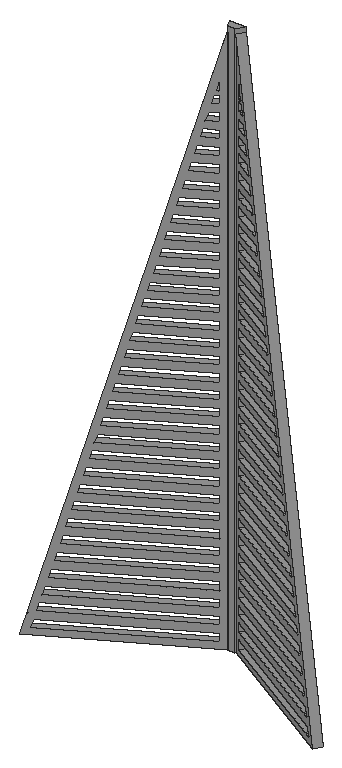
Revit family "MBS_shading panel2__up_30", category Generic Models, Revit 2014
Reference planes
  plane 1 "Center (Front/Back)": y = 0
  plane 2: z = 0
  plane 3 "Center (Left/Right)": x = 0
Dimensions and locks
  aligned and locked: level to plane 2
Nested families
  nested 1: "MBS_rounding mullion shading system2" at (100, -200, 0), type "MBS_rounding mullion shading system2"
    with rounding mullion height 2700 mm
  nested 2: "MBS_shading panel2" at (311.29, -565.965, 2680) x (0.5, -0.866, 0) z (-0.866, -0.5, 0), type "MBS_shading panel2"
    with shad panel thickness 40 mm, shad panel 1 void height 2700 mm
  nested 3: "MBS_shading panel2" at (370.103, 129.268, 2680) x (0.5, 0.866, 0) z (0.866, -0.5, 0), type "MBS_shading panel2"
    with shad panel thickness 40 mm, shad panel 1 void height 2700 mm
Definition of nested family "MBS_rounding mullion shading system2"
  Parameters (values of type "MBS_rounding mullion shading system2")
    rounding mullion mater = Steel, Galvanized rounding mull
    rounding mullion height [instance] = 2700 mm
    Default Elevation = 1219.2 mm
  Reference planes
    plane 1 "Center (Front/Back)": y = 0
    plane 2: z = 0
    plane 3 "Center (Left/Right)": x = 0
  Forms (mm)
    Extrusion 1, solid
      sketch origin (0, 0, 0) x (1, 0, 0) y (0, 1, 0)
        loop
          line (-1219.2, 1219.2) -> (-1219.2, -1219.2) -> (1219.2, -1219.2) -> (1219.2, 1219.2) -> (-1219.2, 1219.2)
      from 0 to -304.8
    Extrusion 2, solid, material "Steel, Galvanized rounding mull" <- "rounding mullion mater"
      sketch origin (0, 0, 0) x (1, 0, 0) y (0, 1, 0)
        loop
          line (0, 0) -> (23.094, -40) -> (56.906, -40) -> (80, 0) -> (0, 0)
      from 0 to 2700 <- "rounding mullion height"
  Dimensions and locks
    aligned and locked: plane 2 to Extrusion 1
    aligned and locked: level to Extrusion 1
Definition of nested family "MBS_shading panel2"
  Parameters (values of type "MBS_shading panel2")
    shading panel mater = Oak, Red shading panel2
    shad panel thickness [instance] = 40 mm
    shad panel 1 void height [instance] = 2700 mm
    panel hole = 40 mm
    Default Elevation = 1219.2 mm
  Reference planes
    plane 1 "Center (Front/Back)": y = 0
    plane 2: z = 0
    plane 3 "Center (Left/Right)": x = 0
    plane 4: y = -281.851
    plane 5: y = -321.851
    plane 6: y = -356.851
    plane 7: y = -396.851
    plane 8: through (799.2, -206.851, 30) normal (0, -0.2841, -0.9588)
    plane 9: y = -431.851
    plane 10: y = -471.851
    plane 11: y = -506.851
    plane 12: y = -546.851
    plane 13: y = -581.851
    plane 14: y = -621.851
    plane 15: y = -661.851
    plane 16: y = -701.851
    plane 17: y = -736.851
    plane 18: y = -776.851
    plane 19: y = -811.851
    plane 20: y = -851.851
    plane 21: y = -886.851
    plane 22: y = -926.851
    plane 23: y = -961.851
    plane 24: y = -1001.851
    plane 25: y = -1036.851
    plane 26: y = -1076.851
    plane 27: y = -1111.851
    plane 28: y = -1151.851
    plane 29: y = -1186.851
    plane 30: y = -1226.851
    plane 31: y = -1261.851
    plane 32: y = -1301.851
    plane 33: y = -1336.851
    plane 34: y = -1376.851
    plane 35: y = -1411.851
    plane 36: y = -1451.851
    plane 37: y = -1486.851
    plane 38: y = -1526.851
    plane 39: y = -1561.851
    plane 40: y = -1601.851
    plane 41: y = -1636.851
    plane 42: y = -1676.851
    plane 43: y = -1711.851
    plane 44: y = -1751.851
    plane 45: y = -1786.851
    plane 46: y = -1826.851
    plane 47: y = -1861.851
    plane 48: y = -1901.851
    plane 49: y = -1936.851
    plane 50: y = -1976.851
    plane 51: y = -2011.851
    plane 52: y = -2051.851
    plane 53: y = -2086.851
    plane 54: y = -2126.851
    plane 55: y = -2161.851
    plane 56: y = -2201.851
    plane 57: y = -2236.851
    plane 58: y = -2276.851
    plane 59: y = -2311.851
    plane 60: y = -2351.851
    plane 61: y = -2386.851
    plane 62: y = -2426.851
    plane 63: y = -2501.851
    plane 64: y = -2461.851
    plane 65: y = -2536.851
    plane 66: y = -2576.851
    plane 67: y = -2611.851
    plane 68: y = -2651.851
  Forms (mm)
    Extrusion 1, solid
      sketch origin (0, 0, 0) x (1, 0, 0) y (0, 1, 0)
        loop
          line (-1219.2, 1219.2) -> (-1219.2, -1219.2) -> (1219.2, -1219.2) -> (1219.2, 1219.2) -> (-1219.2, 1219.2)
      from 0 to -304.8
    Extrusion 2, solid, material "Oak, Red shading panel2" <- "shading panel mater"
      sketch origin (-420, -1442.49, -227.833) x (0, 0, -1) y (0, 1, 0)
        loop
          line (-227.833, 1442.49) -> (-1021.907, -1237.51) -> (-227.833, -1237.51) -> (-227.833, 1442.49)
        loop
          line (-257.833, 1235.639) -> (-275.611, 1175.639) -> (-257.833, 1175.639) -> (-257.833, 1235.639)
        loop
          line (-257.833, 1160.639) -> (-280.056, 1160.639) -> (-291.907, 1120.639) -> (-257.833, 1120.639) -> (-257.833, 1160.639)
        loop
          line (-257.833, 1085.639) -> (-302.278, 1085.639) -> (-314.13, 1045.639) -> (-257.833, 1045.639) -> (-257.833, 1085.639)
        loop
          line (-257.833, 1010.639) -> (-324.5, 1010.639) -> (-336.352, 970.639) -> (-257.833, 970.639) -> (-257.833, 1010.639)
        loop
          line (-257.833, 860.639) -> (-368.944, 860.639) -> (-380.796, 820.639) -> (-257.833, 820.639) -> (-257.833, 860.639)
        loop
          line (-257.833, 935.639) -> (-346.722, 935.639) -> (-358.574, 895.639) -> (-257.833, 895.639) -> (-257.833, 935.639)
        loop
          line (-257.833, 780.639) -> (-392.648, 780.639) -> (-404.5, 740.639) -> (-257.833, 740.639) -> (-257.833, 780.639)
        loop
          line (-257.833, 705.639) -> (-414.87, 705.639) -> (-426.722, 665.639) -> (-257.833, 665.639) -> (-257.833, 705.639)
        loop
          line (-257.833, 630.639) -> (-437.093, 630.639) -> (-448.944, 590.639) -> (-257.833, 590.639) -> (-257.833, 630.639)
        loop
          line (-257.833, 555.639) -> (-459.315, 555.639) -> (-471.167, 515.639) -> (-257.833, 515.639) -> (-257.833, 555.639)
        loop
          line (-257.833, 480.639) -> (-481.537, 480.639) -> (-493.389, 440.639) -> (-257.833, 440.639) -> (-257.833, 480.639)
        loop
          line (-257.833, 405.639) -> (-503.759, 405.639) -> (-515.611, 365.639) -> (-257.833, 365.639) -> (-257.833, 405.639)
        loop
          line (-257.833, 330.639) -> (-525.982, 330.639) -> (-537.833, 290.639) -> (-257.833, 290.639) -> (-257.833, 330.639)
        loop
          line (-257.833, 255.639) -> (-548.204, 255.639) -> (-560.056, 215.639) -> (-257.833, 215.639) -> (-257.833, 255.639)
        loop
          line (-257.833, 180.639) -> (-570.426, 180.639) -> (-582.278, 140.639) -> (-257.833, 140.639) -> (-257.833, 180.639)
        loop
          line (-257.833, 105.639) -> (-592.648, 105.639) -> (-604.5, 65.639) -> (-257.833, 65.639) -> (-257.833, 105.639)
        loop
          line (-257.833, 30.639) -> (-614.87, 30.639) -> (-626.722, -9.361) -> (-257.833, -9.361) -> (-257.833, 30.639)
        loop
          line (-257.833, -44.361) -> (-637.093, -44.361) -> (-648.944, -84.361) -> (-257.833, -84.361) -> (-257.833, -44.361)
        loop
          line (-257.833, -119.361) -> (-659.315, -119.361) -> (-671.167, -159.361) -> (-257.833, -159.361) -> (-257.833, -119.361)
        loop
          line (-257.833, -194.361) -> (-681.537, -194.361) -> (-693.389, -234.361) -> (-257.833, -234.361) -> (-257.833, -194.361)
        loop
          line (-257.833, -269.361) -> (-703.759, -269.361) -> (-715.611, -309.361) -> (-257.833, -309.361) -> (-257.833, -269.361)
        loop
          line (-257.833, -344.361) -> (-725.982, -344.361) -> (-737.833, -384.361) -> (-257.833, -384.361) -> (-257.833, -344.361)
        loop
          line (-257.833, -419.361) -> (-748.204, -419.361) -> (-760.056, -459.361) -> (-257.833, -459.361) -> (-257.833, -419.361)
        loop
          line (-257.833, -494.361) -> (-770.426, -494.361) -> (-782.278, -534.361) -> (-257.833, -534.361) -> (-257.833, -494.361)
        loop
          line (-257.833, -569.361) -> (-792.648, -569.361) -> (-804.5, -609.361) -> (-257.833, -609.361) -> (-257.833, -569.361)
        loop
          line (-257.833, -644.361) -> (-814.87, -644.361) -> (-826.722, -684.361) -> (-257.833, -684.361) -> (-257.833, -644.361)
        loop
          line (-257.833, -719.361) -> (-837.093, -719.361) -> (-848.944, -759.361) -> (-257.833, -759.361) -> (-257.833, -719.361)
        loop
          line (-257.833, -794.361) -> (-859.315, -794.361) -> (-871.167, -834.361) -> (-257.833, -834.361) -> (-257.833, -794.361)
        loop
          line (-257.833, -869.361) -> (-881.537, -869.361) -> (-893.389, -909.361) -> (-257.833, -909.361) -> (-257.833, -869.361)
        loop
          line (-257.833, -944.361) -> (-903.759, -944.361) -> (-915.611, -984.361) -> (-257.833, -984.361) -> (-257.833, -944.361)
        loop
          line (-257.833, -1019.361) -> (-925.982, -1019.361) -> (-937.833, -1059.361) -> (-257.833, -1059.361) -> (-257.833, -1019.361)
        loop
          line (-257.833, -1094.361) -> (-948.204, -1094.361) -> (-960.056, -1134.361) -> (-257.833, -1134.361) -> (-257.833, -1094.361)
        loop
          line (-257.833, -1169.361) -> (-970.426, -1169.361) -> (-982.278, -1209.361) -> (-257.833, -1209.361) -> (-257.833, -1169.361)
      from 0 to 40 <- "shad panel thickness"
  Dimensions and locks
    "panel hole": plane 4 to plane 5
    "panel hole": plane 6 to plane 7
    "panel hole": plane 9 to plane 10
    "panel hole": plane 11 to plane 12
    "panel hole": plane 13 to plane 14
    "panel hole": plane 15 to plane 16
    "panel hole": plane 17 to plane 18
    "panel hole": plane 19 to plane 20
    "panel hole": plane 21 to plane 22
    "panel hole": plane 23 to plane 24
    "panel hole": plane 25 to plane 26
    "panel hole": plane 27 to plane 28
    "panel hole": plane 29 to plane 30
    "panel hole": plane 31 to plane 32
    "panel hole": plane 33 to plane 34
    "panel hole": plane 35 to plane 36
    "panel hole": plane 37 to plane 38
    "panel hole": plane 39 to plane 40
    "panel hole": plane 41 to plane 42
    "panel hole": plane 43 to plane 44
    "panel hole": plane 45 to plane 46
    "panel hole": plane 47 to plane 48
    "panel hole": plane 49 to plane 50
    "panel hole": plane 51 to plane 52
    "panel hole": plane 53 to plane 54
    "panel hole": plane 55 to plane 56
    "panel hole": plane 57 to plane 58
    "panel hole": plane 59 to plane 60
    "panel hole": plane 61 to plane 62
    "panel hole": plane 64 to plane 63
    "panel hole": plane 65 to plane 66
    "panel hole": plane 67 to plane 68
    aligned and locked: plane 2 to Extrusion 1
    aligned and locked: level to Extrusion 1
    aligned and locked: plane 4 to Extrusion 2 sketch curve
    aligned and locked: plane 5 to Extrusion 2 sketch curve
    aligned and locked: plane 6 to Extrusion 2 sketch curve
    aligned and locked: plane 7 to Extrusion 2 sketch curve
    aligned and locked: plane 8 to Extrusion 2 sketch curve  (x33)
    aligned and locked: plane 9 to Extrusion 2 sketch curve
    aligned and locked: plane 10 to Extrusion 2 sketch curve
    aligned and locked: plane 11 to Extrusion 2 sketch curve
    aligned and locked: plane 12 to Extrusion 2 sketch curve
    aligned and locked: plane 13 to Extrusion 2 sketch curve
    aligned and locked: plane 14 to Extrusion 2 sketch curve
    aligned and locked: plane 15 to Extrusion 2 sketch curve
    aligned and locked: plane 16 to Extrusion 2 sketch curve
    aligned and locked: plane 17 to Extrusion 2 sketch curve
    aligned and locked: plane 18 to Extrusion 2 sketch curve
    aligned and locked: plane 19 to Extrusion 2 sketch curve
    aligned and locked: plane 20 to Extrusion 2 sketch curve
    aligned and locked: plane 21 to Extrusion 2 sketch curve
    aligned and locked: plane 22 to Extrusion 2 sketch curve
    aligned and locked: plane 23 to Extrusion 2 sketch curve
    aligned and locked: plane 24 to Extrusion 2 sketch curve
    aligned and locked: plane 25 to Extrusion 2 sketch curve
    aligned and locked: plane 26 to Extrusion 2 sketch curve
    aligned and locked: plane 27 to Extrusion 2 sketch curve
    aligned and locked: plane 28 to Extrusion 2 sketch curve
    aligned and locked: plane 29 to Extrusion 2 sketch curve
    aligned and locked: plane 30 to Extrusion 2 sketch curve
    aligned and locked: plane 31 to Extrusion 2 sketch curve
    aligned and locked: plane 32 to Extrusion 2 sketch curve
    aligned and locked: plane 33 to Extrusion 2 sketch curve
    aligned and locked: plane 34 to Extrusion 2 sketch curve
    aligned and locked: plane 35 to Extrusion 2 sketch curve
    aligned and locked: plane 36 to Extrusion 2 sketch curve
    aligned and locked: plane 37 to Extrusion 2 sketch curve
    aligned and locked: plane 38 to Extrusion 2 sketch curve
    aligned and locked: plane 39 to Extrusion 2 sketch curve
    aligned and locked: plane 40 to Extrusion 2 sketch curve
    aligned and locked: plane 41 to Extrusion 2 sketch curve
    aligned and locked: plane 42 to Extrusion 2 sketch curve
    aligned and locked: plane 43 to Extrusion 2 sketch curve
    aligned and locked: plane 44 to Extrusion 2 sketch curve
    aligned and locked: plane 45 to Extrusion 2 sketch curve
    aligned and locked: plane 46 to Extrusion 2 sketch curve
    aligned and locked: plane 47 to Extrusion 2 sketch curve
    aligned and locked: plane 48 to Extrusion 2 sketch curve
    aligned and locked: plane 49 to Extrusion 2 sketch curve
    aligned and locked: plane 50 to Extrusion 2 sketch curve
    aligned and locked: plane 51 to Extrusion 2 sketch curve
    aligned and locked: plane 52 to Extrusion 2 sketch curve
    aligned and locked: plane 53 to Extrusion 2 sketch curve
    aligned and locked: plane 54 to Extrusion 2 sketch curve
    aligned and locked: plane 55 to Extrusion 2 sketch curve
    aligned and locked: plane 56 to Extrusion 2 sketch curve
    aligned and locked: plane 57 to Extrusion 2 sketch curve
    aligned and locked: plane 58 to Extrusion 2 sketch curve
    aligned and locked: plane 59 to Extrusion 2 sketch curve
    aligned and locked: plane 60 to Extrusion 2 sketch curve
    aligned and locked: plane 61 to Extrusion 2 sketch curve
    aligned and locked: plane 62 to Extrusion 2 sketch curve
    aligned and locked: plane 63 to Extrusion 2 sketch curve
    aligned and locked: plane 64 to Extrusion 2 sketch curve
    aligned and locked: plane 65 to Extrusion 2 sketch curve
    aligned and locked: plane 66 to Extrusion 2 sketch curve
    aligned and locked: plane 67 to Extrusion 2 sketch curve
    aligned and locked: plane 68 to Extrusion 2 sketch curve
  Automatic sketch dimensions
    Extrusion 1 sketch curve to Extrusion 1 sketch curve = 2438.4 mm  (x2)
    Extrusion 2 sketch curve to level = 0 mm
    Extrusion 2 sketch curve to plane 1 "Center (Front/Back)" = 0 mm
    Extrusion 2 sketch curve to plane 68 = 28.149 mm
    Extrusion 2 sketch curve to Extrusion 2 sketch curve = 39.63 mm
    plane 4 to Extrusion 2 sketch curve = 15 mm
    level to Extrusion 2 sketch curve = 30 mm  (x32)
    Extrusion 2 sketch curve to Extrusion 2 sketch curve = 0 mm
